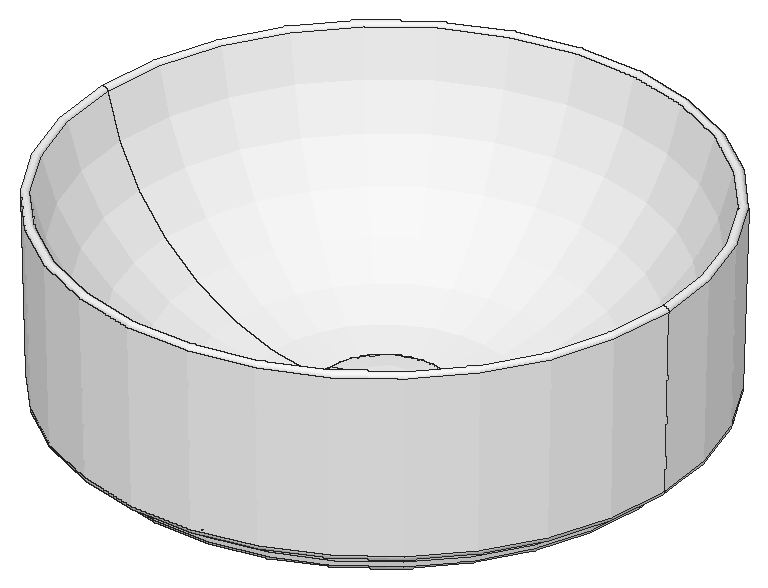
Revit family "Reece_Basin_Roca_Inspira Light_Above Counter Basin_Round_370 mm", category Plumbing Fixtures, host Face, Revit 2018
Family settings
  Host = Face
  Round Connector Dimension = Use Diameter
  Part Type = Normal
  Cut with Voids When Loaded = No
  Shared = Yes
  Room Calculation Point = Yes
Parameters (values of type "8 L_Vitreous China_Matte White")
  WFU = 0  # constant formula
  URL = "https://www.reece.com.au/product/-9511885"
  Type Comments = "Basin"
  Reece_Product_Web Page = "https://www.reece.com.au/product/-9511885"
  Reece_Product_Type = "Basin"  # constant formula
  Reece_Product_Sub Brand = "Inspira Light"  # constant formula
  Reece_Product_Number = "9511885"
  Reece_Product_Mount = "Above Counter"
  Reece_Product_Description = "Roca Inspira Light Round Above Counter Basin 370mm Matte White"
  Reece_Product_Brand = "Roca"  # constant formula
  Reece_Overall_Width = 370 mm  # constant formula
  Reece_Overall_Height = 125 mm  # constant formula
  Reece_Overall_Depth = 370 mm  # constant formula
  Reece_Overall_Capacity = 8.00 L  # constant formula
  Reece_Material_Secondary = Reece_Brass_Chrome
  Reece_Material-Main = Reece_Vitreous China_Matte White
  Reece_Detail_Installation = "Above Counter"  # constant formula
  Reece_Detail_Disclaimer = "THIS FILE IS THE PROPERTY OF THE REECE GROUP. IT MAY NOT BE REPRODUCED, REVERSE-ENGINEERED OR MODIFIED. ANY REPUBLICATION, TRANSMISSION OR DISTRIBUTION FOR THE PURPOSE OF COMMERCIALLY EXPLOITING THE FILES IS PROHIBITED."  # constant formula
  Reece_Detail_Connector = "No Taphole"  # constant formula
  Reece_Detail_Additional = "No Overflow"  # constant formula
  Reece_Basin_Outlet = 32 mm  # constant formula
  Model = "Inspira Light"
  Manufacturer = "Roca"
  Keynote = "Product #9511885, Reece_Basin_Roca_Inspira Light_Above Counter Basin_Round_370 mm - 8 L_Vitreous China_Matte White"
  HWFU = 0  # constant formula
  Disclaimer = "THIS FILE IS THE PROPERTY OF THE REECE GROUP. IT MAY NOT BE REPRODUCED, REVERSE-ENGINEERED OR MODIFIED. ANY REPUBLICATION, TRANSMISSION OR DISTRIBUTION FOR THE PURPOSE OF COMMERCIALLY EXPLOITING THE FILES IS PROHIBITED."  # constant formula
  Description = "Roca Inspira Light Round Above Counter Basin 370mm Matte White"
  Default Elevation = 1000 mm
  CWFU = 0  # constant formula
Types (3, lengths in mm): name | URL | Reece_Product_Web Page | Reece_Product_Number | Reece_Product_Description | Reece_Material_Secondary | Reece_Material-Main | Keynote | Description
  8 L_Vitreous China_White | "https://www.reece.com.au/product/-9510256" | "https://www.reece.com.au/product/-9510256" | "9510256" | "Roca Inspira Light Round Above Counter Basin 370mm White" | Reece_Brass_Chrome | Reece_Vitreous China_White | "Product #9510256, Reece_Basin_Roca_Inspira Light_Above Counter Basin_Round_370 mm - 8 L_Vitreous China_White" | "Roca Inspira Light Round Above Counter Basin 370mm White"
  8 L_Vitreous China_Matte Black | "https://www.reece.com.au/product/-9511886" | "https://www.reece.com.au/product/-9511886" | "9511886" | "Roca Inspira Light Round Above Counter Basin 370mm Matte Black" | Reece_Vitreous China_Matte Black | Reece_Vitreous China_Matte Black | "Product #9511886, Reece_Basin_Roca_Inspira Light_Above Counter Basin_Round_370 mm - 8 L_Vitreous China_Matte Black" | "Roca Inspira Light Round Above Counter Basin 370mm Matte Black"
  8 L_Vitreous China_Matte White | "https://www.reece.com.au/product/-9511885" | "https://www.reece.com.au/product/-9511885" | "9511885" | "Roca Inspira Light Round Above Counter Basin 370mm Matte White" | Reece_Brass_Chrome | Reece_Vitreous China_Matte White | "Product #9511885, Reece_Basin_Roca_Inspira Light_Above Counter Basin_Round_370 mm - 8 L_Vitreous China_Matte White" | "Roca Inspira Light Round Above Counter Basin 370mm Matte White"
Reference planes
  plane 1 "Center (Front/Back)": y = -79.125
  plane 2 "Bottom": z = 0
  plane 3 "Center (Left/Right)": x = 0
  plane 4: z = 125
  plane 5: y = 105.875
  plane 6: y = -264.125
  plane 7: z = -23
  plane 8: x = -185
  plane 9: x = 185
Forms (mm)
  Extrusion 1, void
    sketch origin (0, 0, 0) x (1, 0, 0) y (0, 1, 0)
      loop
        circle (0, -79.125) r 22.5
    from -57.378 to 33.548
  Revolve 2, solid, material "Reece_Brass_Chrome" <- "Reece_Material_Secondary"
    sketch origin (0, -79.125, 17.628) x (1, 0, 0) y (0, 0, 1)
      loop
        line (0, -54.506) -> (0, -0.315)
        arc (0, -0.315) -> (-17.262, -1.109) -> (-34.312, -3.915) r 147.631
        arc (-34.312, -3.915) -> (-34.807, -4.224) -> (-35, -4.775) r 0.881
        line (-35, -4.775) -> (-35, -5.581) -> (-20, -5.581) -> (-20, -54.506) -> (0, -54.506)
      axis (0, -54.506) -> (0, -0.315)
    angle from 0 to 360
  Extrusion 3, void
    sketch origin (0, 0, 0) x (1, 0, 0) y (0, 1, 0)
      loop
        circle (0, -79.125) r 60
    from -217 to 28.7
  Revolve 4, solid, material "Reece_Vitreous China_Matte White" <- "Reece_Material-Main"
    sketch origin (0, -79.125, 0) x (1, 0, 0) y (0, 0, 1)
      loop
        line (-32.5, -23) -> (-26.41, -23) -> (-29.24, -8.028)
        arc (-29.24, -8.028) -> (-34.711, 1.541) -> (-44.921, 5.693) r 16.881
        arc (-44.921, 5.693) -> (-132.549, 41.137) -> (-179.93, 122.929) r 145.558
        arc (-179.93, 122.929) -> (-182.73, 124.983) -> (-185.011, 122.363) r 2.565
        line (-185.011, 122.363) -> (-182.143, 17.199)
        arc (-182.143, 17.199) -> (-181.514, 15.441) -> (-179.968, 14.396) r 3
        line (-179.968, 14.396) -> (-173.501, 12.548)
        arc (-173.501, 12.548) -> (-169.134, 9.961) -> (-166.6, 5.564) r 10
        line (-166.6, 5.564) -> (-165.686, 2.211)
        arc (-165.686, 2.211) -> (-164.613, 0.616) -> (-162.792, 0) r 3
        line (-162.792, 0) -> (-143.94, 0) -> (-129.906, 19.795)
        arc (-129.906, 19.795) -> (-123.731, 23.813) -> (-116.48, 22.512) r 10
        arc (-116.48, 22.512) -> (-81.85, 6.678) -> (-44.365, -0.024) r 151.558
        arc (-44.365, -0.024) -> (-38.236, -2.532) -> (-35.019, -8.32) r 10
        line (-35.019, -8.32) -> (-32.5, -23)
      loop
        arc (-161.476, 9.079) -> (-159.634, 6.84) -> (-156.86, 6) r 5
        line (-156.86, 6) -> (-152.21, 6)
        arc (-152.21, 6) -> (-147.618, 7.116) -> (-144.052, 10.216) r 10
        line (-144.052, 10.216) -> (-134.52, 23.661)
        arc (-134.52, 23.661) -> (-132.749, 30.632) -> (-136.115, 36.989) r 10
        arc (-136.115, 36.989) -> (-160.993, 64.692) -> (-178.366, 97.625) r 151.558
        line (-178.366, 97.625) -> (-176.188, 18.931)
        arc (-176.188, 18.931) -> (-167.345, 16.226) -> (-161.476, 9.079) r 16
      axis (0, 122.929) -> (0, -23)
    angle from 0 to 360
Lines and regions (mm)
  symbolic lines, style "PlumbingFixtures"
    curve 1: circle (0, -79.125, 0) r 178.366 normal (0, 0, 1)
Text (mm)
  text "Reece Copyright © 2018, Reece Ltd." at (-902.343, -740.328, 0), in view "Ref. Level"
  text "Reece ©" at (44.384, 258.95, 192.345), in view "Reece Preview"
Dimensions and locks
  equal spacing: plane 6, plane 1 "Center (Front/Back)", plane 5
  "Reece_Overall_Depth": plane 5 to plane 6
  "Reece_Overall_Width": plane 8 to plane 9
  "Reece_Overall_Height": plane 4 to plane 2 "Bottom"
  plane 4 to plane 7 = 148 mm
  plane 8 to plane 9 = 370 mm
  plane 5 to plane 6 = 370 mm
  aligned and locked: host face to plane 2 "Bottom"
  aligned and locked: level to host face
Automatic sketch dimensions
  host sketch curve to host sketch curve = 801.051 mm
  plane 1 "Center (Front/Back)" to Extrusion 1 sketch curve = 0 mm
  Extrusion 1 sketch curve to plane 3 "Center (Left/Right)" = 0 mm
  Revolve 2 sketch curve to plane 3 "Center (Left/Right)" = 0 mm  (x2)
  Revolve 2 sketch curve to plane 3 "Center (Left/Right)" = 1.858 mm
  Revolve 2 sketch curve to plane 3 "Center (Left/Right)" = 20 mm
  Revolve 2 sketch curve to Revolve 2 sketch curve = 14.119 mm
  Revolve 2 sketch curve to Revolve 2 sketch curve = 0.881 mm
  Revolve 2 sketch curve to level = 36.878 mm
  Revolve 2 sketch curve to Revolve 2 sketch curve = 93.429 mm
  Revolve 2 sketch curve to Revolve 2 sketch curve = 0.806 mm
  Revolve 2 sketch curve to Revolve 2 sketch curve = 2.138 mm
  plane 1 "Center (Front/Back)" to Extrusion 3 sketch curve = 0 mm
  Extrusion 3 sketch curve to plane 3 "Center (Left/Right)" = 0 mm
  level to Revolve 2 sketch curve = 12.047 mm
  Revolve 2 sketch curve to Revolve 2 sketch curve = 5.266 mm
  level to Revolve 2 sketch curve = 0.175 mm
  host sketch curve to host sketch curve = 699.35 mm
  Revolve 4 sketch curve to Revolve 4 sketch curve = 0 mm  (x5)
  Revolve 4 sketch curve to level = 0 mm  (x2)
  Revolve 4 sketch curve to plane 7 = 0 mm
  Revolve 4 sketch curve to plane 3 "Center (Left/Right)" = 0 mm
  Revolve 4 sketch curve to plane 3 "Center (Left/Right)" = 26.41 mm
  Revolve 4 sketch curve to level = 8.028 mm
  Revolve 4 sketch curve to Revolve 4 sketch curve = 2.83 mm
  Revolve 4 sketch curve to Revolve 4 sketch curve = 6.09 mm
  Revolve 4 sketch curve to level = 8.32 mm
  Revolve 4 sketch curve to Revolve 4 sketch curve = 5.779 mm
  Revolve 4 sketch curve to Revolve 4 sketch curve = 0.467 mm
  Revolve 4 sketch curve to Revolve 4 sketch curve = 9.856 mm
  Revolve 4 sketch curve to Revolve 4 sketch curve = 0.952 mm
  level to Revolve 4 sketch curve = 14.012 mm
  Revolve 4 sketch curve to plane 8 = 63.252 mm
  level to Revolve 4 sketch curve = 19.795 mm
  Revolve 4 sketch curve to Revolve 4 sketch curve = 8.158 mm  (x3)
  level to Revolve 4 sketch curve = 23.661 mm
  Revolve 4 sketch curve to Revolve 4 sketch curve = 4.614 mm
  Revolve 4 sketch curve to Revolve 4 sketch curve = 14.034 mm
  level to Revolve 4 sketch curve = 10.216 mm
  Revolve 4 sketch curve to Revolve 4 sketch curve = 0.112 mm
  Revolve 4 sketch curve to Revolve 4 sketch curve = 4.65 mm
  Revolve 4 sketch curve to Revolve 4 sketch curve = 5.932 mm
  level to Revolve 4 sketch curve = 2.211 mm
  Revolve 4 sketch curve to Revolve 4 sketch curve = 2.894 mm
  level to Revolve 4 sketch curve = 5.564 mm
  Revolve 4 sketch curve to Revolve 4 sketch curve = 0.915 mm
  Revolve 4 sketch curve to Revolve 4 sketch curve = 6.9 mm
  Revolve 4 sketch curve to Revolve 4 sketch curve = 2.687 mm
  level to Revolve 4 sketch curve = 2.933 mm
  Revolve 4 sketch curve to plane 8 = 8.752 mm
  Revolve 4 sketch curve to plane 8 = 6.634 mm
  Revolve 4 sketch curve to Revolve 4 sketch curve = 2.956 mm
  Revolve 4 sketch curve to Revolve 4 sketch curve = 0.824 mm
  Revolve 4 sketch curve to plane 8 = 2.857 mm
  Revolve 4 sketch curve to plane 8 = 2.553 mm
  plane 8 to Revolve 4 sketch curve = 0.011 mm
  Revolve 4 sketch curve to level = 11.163 mm
  Revolve 4 sketch curve to Revolve 4 sketch curve = 1.153 mm
  Revolve 4 sketch curve to Revolve 4 sketch curve = 0.002 mm
  level to Revolve 4 sketch curve = 6 mm
  Revolve 4 sketch curve to Revolve 4 sketch curve = 5 mm
  Revolve 4 sketch curve to Revolve 4 sketch curve = 1.848 mm
  Revolve 4 sketch curve to Revolve 4 sketch curve = 2.803 mm
  Revolve 4 sketch curve to Revolve 4 sketch curve = 1.651 mm
  Revolve 4 sketch curve to Revolve 4 sketch curve = 5.784 mm
  Revolve 4 sketch curve to plane 4 = 27.375 mm
  Revolve 4 sketch curve to plane 4 = 2.637 mm
  Revolve 4 sketch curve to Revolve 4 sketch curve = 0.07 mm
  Revolve 4 sketch curve to Revolve 4 sketch curve = 0.296 mm
  Revolve 4 sketch curve to level = 0.024 mm
  Revolve 4 sketch curve to Revolve 4 sketch curve = 0.556 mm
  level to Revolve 4 sketch curve = 29.397 mm
  plane 1 "Center (Front/Back)" to curve 1 = 0 mm
  curve 1 to plane 3 "Center (Left/Right)" = 0 mm
  radius of Extrusion 1 sketch curve = 22.5 mm
  radius of Extrusion 3 sketch curve = 60 mm
  radius of curve 1 = 178.366 mm
Connectors
  piping at (0, -79.125, -36.878), diameter 32, driven by "Reece_Basin_Outlet"
    settings: on Revolve 2, index 1, connector inside diameter 609.6 mm, connector length 0 mm, flow factor 0, pipe flow 0.0 L/s, pressure drop 0.0 Pa, fitting loss kfactor 0, connector angle 0.00°, fixture units 0, engagement length 0 mm, angle of deflection 0.00°, flow configuration 0, flow direction 2, fitting loss method 0, system type 16, joint type 0, gender type 0, connector reference index -1, connector utility 0, adjustable connector no, is connector primary yes, connector description ""
